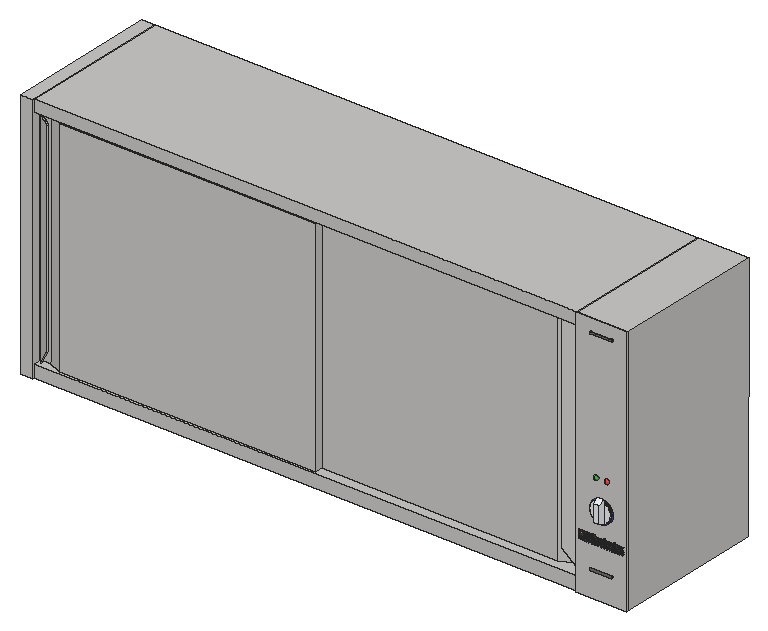
Revit family "QF_ELECTROLUXPROFESSIONAL_121887_TAPCR16", category Attrezzature speciali, Revit 2020
Family settings
  Quota connettore circolare = Usa diametro
  Tipo di parte = Normale
  Basato su piano di lavoro = No
  Sempre verticale = Sì
  Taglio con vuoti quando caricato = No
  Condiviso = No
  Punto di calcolo locali = No
Parameters (values of type "Standard")
  Weight = 61.00 kg
  Watts = 1400 W
  Volts = 230 V
  URL Manufacturer = "https://www.electroluxprofessional.com/"
  URL = "https://www.electroluxprofessional.com/"
  Steam Supply Size = 0 mm
  Steam Supply Minimum Pressure = 0.0 Pa
  Steam Supply Maximum Pressure = 0.0 Pa
  Steam Consumption per Hour = 0
  Refrigeration Suction Line Size = 0.0 mm
  Refrigeration Liquid Line Size = 0.0 mm
  Refrigerant Compressor Remote = yes
  Prospetto di default = 0.0 mm
  Phase = 1
  Modello = "TAPCR16"
  Produttore = "Electrolux Professional"
  Length Actual = 1600.0 mm  # constant formula
  Item Number = "121887"
  Hot Water Size = 0 mm
  Height Actual = 660.0 mm  # constant formula
  HP = "1.9 HP"
  Gas Size = 0 mm
  Gas KW = 0
  Gas Input Pressure = 0 W
  Direct Waste Size = 0 mm
  Descrizione = "HOT WALL CUPBOARD W/SLIDING DOORS 1600MM"
  Depth Actual = 400.0 mm  # constant formula
  Cycle = 50 Hz
  Condensate Return Size = 0 mm
  Compressed Air Volume = 0.0 L/s
  Compressed Air Size = 0 mm
  Compressed Air Pressure = 0.0 Pa
  Cold Water Size = 0 mm
  Accessory = yes
Reference planes
  plane 1 "Center (Front/Back)": y = 0
  plane 2: z = 0
  plane 3 "Center (Left/Right)": x = -250
  plane 4 "LEFT": x = -1000
  plane 5 "RIGHT_panel": x = 500
  plane 6 "BACK": y = 200
  plane 7 "FRONT": y = -200
  plane 8 "Base": z = 2260
  plane 9 "BASE": z = 1600
  plane 10: x = -966
  plane 11: x = 466
  plane 12: y = -197
  plane 13: y = 170
  plane 14 "RIGHT": x = 600
  plane 15 "EIy": x = 545
  plane 16 "EIx": y = 169
Forms (mm)
  Extrusion 1, solid, material "QF_Finishes_Stainless Steel"
    sketch origin (0, 0, 1600) x (-1, 0, 0) y (0, -1, 0)
      loop
        line (1000, -200) -> (1000, 200) -> (966, 200) -> (966, -200) -> (1000, -200)
      loop
        line (-466, -200) -> (-466, 197) -> (-600, 197) -> (-600, -200) -> (-466, -200)
    from 0 to 660
  Extrusion 2, solid, material "QF_Finishes_Stainless Steel"
    sketch origin (0, 0, 1600) x (-1, 0, 0) y (0, -1, 0)
      loop
        line (966, -170) -> (966, 197) -> (-466, 197) -> (-466, -170) -> (966, -170)
    from 0 to 35
  Extrusion 3, solid, material "QF_Finishes_Stainless Steel"
    sketch origin (0, 0, 0) x (1, 0, 0) y (0, 1, 0)
      loop
        line (-966, -197) -> (466, -197) -> (466, 200) -> (-966, 200) -> (-966, -197)
    from 2230 to 2260
  Extrusion 4, solid, material "QF_Finishes_Stainless Steel"
    sketch origin (0, 0, 1600) x (-1, 0, 0) y (0, -1, 0)
      loop
        line (966, -200) -> (966, -170) -> (-466, -170) -> (-466, -200) -> (966, -200)
    from 630 to 0
  Extrusion 5, solid, material "QF_Finishes_Stainless Steel"
    sketch origin (0, 0, 0) x (1, 0, 0) y (0, 1, 0)
      loop
        line (-276.5, -177) -> (398, -177) -> (433, -162) -> (463, -162) -> (463, -157) -> (-276.5, -157) -> (-276.5, -177)
    from 1640 to 2225
  Extrusion 6, solid, material "QF_Finishes_Stainless Steel"
    sketch origin (0, 0, 0) x (1, 0, 0) y (0, 1, 0)
      loop
        line (421, -191) -> (449, -176) -> (463, -162) -> (460.172, -162) -> (447.795, -174.377) -> (420.056, -189.237) -> (421, -191)
    from 1640 to 2225
  Extrusion 7, void
    sketch origin (-381.5, -202.5, -15) x (1, 0, 0) y (0, 0, -1)
      loop
        line (797, -1655) -> (797, -1706.75) -> (831.5, -1655) -> (797, -1655)
      loop
        line (801.556, -2240) -> (811.556, -2240)
        arc (811.556, -2240) -> (804.484, -2237.071) -> (801.556, -2230) r 10
        line (801.556, -2230) -> (801.556, -2240)
    from 5.5 to 29.918
  Extrusion 8, solid, material "QF_Finishes_Stainless Steel"
    sketch origin (0, 0, 0) x (1, 0, 0) y (0, 1, 0)
      loop
        line (-223.481, -197) -> (-223.481, -177) -> (-963, -177) -> (-963, -182) -> (-933, -182) -> (-898, -197) -> (-223.481, -197)
    from 1640 to 2225
  Extrusion 9, solid, material "QF_Finishes_Stainless Steel"
    sketch origin (0, 0, 0) x (1, 0, 0) y (0, 1, 0)
      loop
        line (-921, -211) -> (-920.056, -209.237) -> (-947.795, -194.377) -> (-960.172, -182) -> (-963, -182) -> (-949, -196) -> (-921, -211)
    from 1640 to 2225
  Extrusion 10, void
    sketch origin (-218.5, -202.5, -15) x (-1, 0, 0) y (0, 0, 1)
      loop
        line (697, 1655) -> (731.5, 1655) -> (697, 1706.75) -> (697, 1655)
      loop
        line (701.556, 2240) -> (701.556, 2230)
        arc (701.556, 2230) -> (704.484, 2237.071) -> (711.556, 2240) r 10
        line (711.556, 2240) -> (701.556, 2240)
    from -13.118 to 9.689
  Extrusion 11, solid, material "QF_Finishes_Stainless Steel"
    sketch origin (0, 0, 1600) x (-1, 0, 0) y (0, -1, 0)
      loop
        circle (-545, -169) r 10
    from 0 to -5
Cuts and joins
  Extrusion 7 cuts Extrusion 6
  Extrusion 10 cuts Extrusion 9
Lines and regions (mm)
  symbolic lines, style "SpecialityEquipment"
    curve 1: line (600, 200, 2300) -> (-1000, 200, 2300)
    curve 2: line (600, -200, 2300) -> (600, 200, 2300)
    curve 3: line (-1000, -204.5, 1600) -> (-1000, 200, 1600)
    curve 4: line (-1000, -200, 1600) -> (-968, -200, 1600)
    curve 5: line (468, -200, 1600) -> (600, -200, 1600)
    curve 7: line (468, -197, 1600) -> (-968, -197, 1600)
    curve 12: line (-947.133, -197, 1600) -> (-920.985, -211.008, 1600)
    curve 13: line (-920.985, -211.008, 1600) -> (-920.038, -209.239, 1600)
    curve 14: line (-942.884, -197, 1600) -> (-920.038, -209.239, 1600)
  symbolic lines, style "SpecialityEquipmentHiddenLines"
    curve 6: line (468, -200, 1600) -> (468, -197, 1600)
    curve 8: line (-968, -197, 1600) -> (-968, -200, 1600)
    curve 9: line (466, -157, 200) -> (-276.5, -157, 200)
    curve 10: line (-276.5, -157, 200) -> (-276.5, -177, 200)
    curve 11: line (399, -177, 200) -> (-963, -177, 200)
    curve 15: line (-223.5, -177, 200) -> (-223.5, -197, 200)
    curve 16: line (398, -177, 1600) -> (433, -162, 1600)
    curve 17: line (433, -162, 1600) -> (463, -162, 1600)
    curve 18: line (463, -162, 1600) -> (463, -157, 1600)
    curve 19: line (420.958, -191.023, 1600) -> (448.999, -176.001, 1600)
    curve 20: line (448.999, -176.001, 1600) -> (463, -162, 1600)
    curve 21: line (460.172, -162, 1600) -> (447.795, -174.377, 1600)
    curve 22: line (447.795, -174.377, 1600) -> (419.992, -189.271, 1600)
    curve 23: line (419.992, -189.271, 1600) -> (420.958, -191.023, 1600)
    curve 24: line (-963, -177, 1600) -> (-963, -182, 1600)
    curve 25: line (-963, -182, 1600) -> (-949, -196, 1600)
    curve 26: line (-949, -196, 1600) -> (-947.133, -197, 1600)
    curve 27: line (-942.884, -197, 1600) -> (-947.955, -194.283, 1600)
    curve 28: line (-947.955, -194.283, 1600) -> (-960.239, -182, 1600)
    curve 29: line (-898, -197, 1600) -> (-933, -182, 1600)
    curve 30: line (-933, -182, 1600) -> (-963, -182, 1600)
  symbolic lines
    curve 31: line (-1000, 200, 1600) -> (600, -200, 1600)
    curve 32: line (600, 200, 1600) -> (-1000, -200, 1600)
Dimensions and locks
  equal spacing: plane 4 "LEFT", plane 3 "Center (Left/Right)", plane 5 "RIGHT_panel"
  plane 6 "BACK" to plane 7 "FRONT" = 400.0 mm
  equal spacing: plane 6 "BACK", plane 1 "Center (Front/Back)", plane 7 "FRONT"
  plane 9 "BASE" to level = 1600.0 mm
  locked: plane 4 "LEFT" to plane 10 at 34
  locked: plane 11 to plane 5 "RIGHT_panel" at 34
  plane 12 to plane 7 "FRONT" = 3.0 mm
  plane 6 "BACK" to plane 13 = 30.0 mm
  locked: plane 8 "Base" to plane 9 "BASE" at 660
  plane 5 "RIGHT_panel" to plane 14 "RIGHT" = 100.0 mm
  plane 4 "LEFT" to plane 14 "RIGHT" = 1600.0 mm
  locked: plane 15 "EIy" to plane 14 "RIGHT" at 55
  locked: plane 6 "BACK" to plane 16 "EIx" at 31
  aligned and locked: level to plane 2
  aligned and locked: plane 8 "Base" to Extrusion 1
  aligned and locked: plane 6 "BACK" to Extrusion 1 sketch curve
  aligned and locked: Extrusion 1 sketch curve to plane 6 "BACK"
  aligned and locked: Extrusion 1 sketch curve to plane 7 "FRONT"
  aligned and locked: plane 10 to Extrusion 1
  aligned and locked: Extrusion 1 to plane 11
  aligned and locked: Extrusion 2 to plane 10
  aligned and locked: plane 11 to Extrusion 2
  aligned and locked: plane 8 "Base" to Extrusion 3
  aligned and locked: Extrusion 2 to plane 12
  aligned and locked: Extrusion 2 to plane 13
  aligned and locked: Extrusion 3 to plane 12
  aligned and locked: plane 10 to Extrusion 4 sketch curve
  aligned and locked: Extrusion 4 sketch curve to plane 11
  aligned and locked: Extrusion 4 sketch curve to plane 6 "BACK"
  aligned and locked: Extrusion 4 sketch curve to plane 13
  aligned and locked: Extrusion 4 to Extrusion 3
  aligned and locked: Extrusion 4 to plane 9 "BASE"
  aligned and locked: plane 6 "BACK" to Extrusion 3
  aligned and locked: plane 14 "RIGHT" to Extrusion 1
  aligned and locked: plane 11 to Extrusion 3
  aligned and locked: plane 12 to Extrusion 1 sketch curve
  aligned and locked: plane 14 "RIGHT" to nested 1
Automatic sketch dimensions
  plane 5 "RIGHT_panel" to curve 2 = 100.0 mm
  curve 2 to plane 7 "FRONT" = 0.0 mm
  curve 1 to plane 4 "LEFT" = 0.0 mm
  curve 1 to plane 6 "BACK" = 0.0 mm
  plane 5 "RIGHT_panel" to Extrusion 1 sketch curve = 100.0 mm
  Extrusion 1 sketch curve to plane 11 = 0.0 mm
  Extrusion 1 sketch curve to plane 10 = 0.0 mm
  Extrusion 1 sketch curve to plane 4 "LEFT" = 0.0 mm
  Extrusion 2 sketch curve to plane 11 = 0.0 mm
  Extrusion 2 sketch curve to plane 10 = 0.0 mm
  plane 13 to Extrusion 2 sketch curve = 0.0 mm
  Extrusion 2 sketch curve to plane 12 = 0.0 mm
  Extrusion 3 sketch curve to plane 6 "BACK" = 0.0 mm
  Extrusion 3 sketch curve to plane 10 = 0.0 mm
  Extrusion 3 sketch curve to plane 11 = 0.0 mm
  Extrusion 3 sketch curve to plane 12 = 0.0 mm
  Extrusion 7 sketch curve to plane 11 = 50.5 mm
  Extrusion 7 sketch curve to plane 11 = 45.944 mm
  Extrusion 7 sketch curve to Extrusion 7 sketch curve = 10.0 mm
  Extrusion 7 sketch curve to plane 11 = 16.0 mm
  Extrusion 7 sketch curve to plane 8 "Base" = 35.0 mm
  plane 9 "BASE" to Extrusion 7 sketch curve = 91.75 mm
  plane 9 "BASE" to Extrusion 7 sketch curve = 40.0 mm
  plane 10 to Extrusion 10 sketch curve = 50.5 mm
  plane 10 to Extrusion 10 sketch curve = 45.944 mm
  Extrusion 10 sketch curve to Extrusion 10 sketch curve = 10.0 mm
  plane 10 to Extrusion 10 sketch curve = 16.0 mm
  plane 9 "BASE" to Extrusion 10 sketch curve = 40.0 mm
  Extrusion 10 sketch curve to Extrusion 10 sketch curve = 51.75 mm
  Extrusion 10 sketch curve to plane 8 "Base" = 45.0 mm
  Extrusion 5 sketch curve to plane 3 "Center (Left/Right)" = 26.5 mm
  plane 12 to Extrusion 5 sketch curve = 20.0 mm
  Extrusion 5 sketch curve to plane 11 = 68.0 mm
  Extrusion 5 sketch curve to plane 11 = 33.0 mm
  Extrusion 5 sketch curve to plane 11 = 3.0 mm
  plane 12 to Extrusion 5 sketch curve = 35.0 mm
  Extrusion 5 sketch curve to Extrusion 5 sketch curve = 5.0 mm
  plane 12 to Extrusion 6 sketch curve = 7.763 mm
  Extrusion 6 sketch curve to plane 11 = 45.944 mm
  plane 12 to Extrusion 6 sketch curve = 6.0 mm
  Extrusion 6 sketch curve to Extrusion 6 sketch curve = 0.944 mm
  Extrusion 6 sketch curve to plane 11 = 18.205 mm
  Extrusion 6 sketch curve to Extrusion 6 sketch curve = 1.205 mm
  Extrusion 6 sketch curve to plane 11 = 5.828 mm
  Extrusion 6 sketch curve to Extrusion 6 sketch curve = 2.828 mm
  Extrusion 6 sketch curve to Extrusion 6 sketch curve = 12.377 mm
  Extrusion 8 sketch curve to plane 12 = 0.0 mm
  plane 10 to Extrusion 8 sketch curve = 3.0 mm
  plane 12 to Extrusion 8 sketch curve = 15.0 mm
  Extrusion 8 sketch curve to Extrusion 8 sketch curve = 30.0 mm
  Extrusion 8 sketch curve to Extrusion 8 sketch curve = 35.0 mm
  plane 3 "Center (Left/Right)" to Extrusion 8 sketch curve = 26.519 mm
  Extrusion 8 sketch curve to Extrusion 8 sketch curve = 5.0 mm
  plane 10 to Extrusion 9 sketch curve = 3.0 mm
  Extrusion 9 sketch curve to Extrusion 9 sketch curve = 2.828 mm
  plane 12 to Extrusion 9 sketch curve = 1.0 mm
  plane 10 to Extrusion 9 sketch curve = 17.0 mm
  plane 12 to Extrusion 9 sketch curve = 2.623 mm
  Extrusion 9 sketch curve to Extrusion 9 sketch curve = 1.205 mm
  Extrusion 9 sketch curve to plane 7 "FRONT" = 11.0 mm
  Extrusion 9 sketch curve to Extrusion 9 sketch curve = 26.795 mm
  plane 12 to Extrusion 9 sketch curve = 15.0 mm
  curve 9 to plane 11 = 0.0 mm
  curve 15 to plane 12 = 0.0 mm
  curve 10 to plane 3 "Center (Left/Right)" = 26.5 mm
  plane 12 to curve 10 = 40.0 mm
  plane 12 to curve 11 = 20.0 mm
  curve 11 to plane 11 = 67.0 mm
  plane 3 "Center (Left/Right)" to curve 15 = 26.5 mm
  plane 10 to curve 11 = 3.0 mm
  curve 31 to plane 7 "FRONT" = 0.0 mm
  curve 31 to plane 14 "RIGHT" = 0.0 mm
  curve 32 to plane 6 "BACK" = 0.0 mm
  curve 32 to plane 14 "RIGHT" = 0.0 mm
  curve 6 to plane 12 = 0.0 mm
  curve 4 to plane 7 "FRONT" = 0.0 mm
  curve 31 to plane 4 "LEFT" = 0.0 mm
  curve 3 to plane 6 "BACK" = 0.0 mm
  plane 11 to curve 5 = 2.0 mm
  curve 18 to plane 11 = 3.0 mm
  curve 19 to plane 11 = 17.001 mm
  curve 19 to curve 21 = 1.204 mm
  curve 21 to curve 17 = 14.795 mm
  plane 12 to curve 23 = 5.977 mm
  curve 16 to curve 23 = 12.042 mm
  plane 12 to curve 23 = 7.729 mm
  curve 19 to curve 23 = 0.966 mm
  curve 14 to plane 7 "FRONT" = 9.239 mm
  plane 10 to curve 14 = 45.962 mm
  curve 12 to plane 7 "FRONT" = 11.008 mm
  curve 13 to curve 12 = 0.948 mm
  plane 12 to curve 29 = 15.0 mm
  curve 29 to curve 14 = 9.884 mm
  plane 12 to curve 27 = 2.717 mm
  curve 12 to curve 27 = 0.822 mm
  plane 12 to curve 25 = 1.0 mm
  curve 27 to curve 25 = 1.045 mm
  plane 10 to curve 30 = 3.0 mm
  curve 4 to plane 10 = 2.0 mm
  plane 12 to curve 20 = 35.0 mm
  curve 21 to curve 22 = 12.377 mm
  curve 21 to curve 20 = 1.624 mm
  curve 17 to curve 21 = 2.828 mm
  plane 12 to curve 16 = 20.0 mm
  curve 22 to curve 16 = 21.992 mm
  curve 29 to curve 13 = 22.038 mm
  curve 27 to curve 14 = 0.0 mm
  curve 26 to curve 12 = 0.0 mm
  curve 28 to curve 24 = 2.761 mm
  curve 18 to curve 17 = 5.0 mm
  curve 24 to curve 24 = 5.0 mm
  curve 4 to curve 3 = 4.5 mm
  Extrusion 11 sketch curve to plane 15 "EIy" = 0.0 mm
  Extrusion 11 sketch curve to plane 16 "EIx" = 0.0 mm
  radius of Extrusion 11 sketch curve = 10.0 mm
Nested families
  nested 1: "PANEL_ELX_HOTCUP_134_H660" at (496.958, -197, 1600) x (1, 0, 0) z (0, -1, 0), type "PANEL_ELX_HOTCUP_134_H660"
    with Width 134.0 mm, Show Clearance yes
Connectors
  electrical at (545, 169, 1595), driven by "Volts"
    settings: on Extrusion 11, index 1, voltage 230 V, apparent load 0 VA, apparent load phase1 0 VA, apparent load phase2 0 VA, apparent load phase3 0 VA, power factor 1, load classification "Other", number of poles 1, system type 30, power factor state 1, is connector primary yes, connector utility no, sub classification motor no, connector description "Electrical Connection"
Definition of nested family "PANEL_ELX_HOTCUP_134_H660"
  Parameters
    Width [instance] = 134.0 mm
    Show Clearance [instance] = yes
    Model = "727995"
    Height = 660.0 mm
    Default Elevation = 0.0 mm
  Reference planes
    plane 1 "Center (Front/Back)": y = 0
    plane 2: z = 0
    plane 3 "Center (Left/Right)": x = 36.042
    plane 4 "panel": z = 3
    plane 5 "Left": x = -30.958
    plane 6 "Right": x = 103.042
    plane 7: y = 660
    plane 8: y = 288.268
  Forms (mm)
    Extrusion 1, solid
      sketch origin (0, -919.2, 0) x (1, 0, 0) y (0, 1, 0)
        loop
          line (-980.5, 2119.2) -> (-980.5, -162.846) -> (881.94, -162.846) -> (881.94, 2119.2) -> (-980.5, 2119.2)
      from 0 to -59.546
    Extrusion 2, solid
      sketch origin (36.042, -190, 0) x (0, 1, 0) y (0, 0, 1)
        loop
          line (190, 3) -> (190, 0) -> (850, 0) -> (850, 3) -> (190, 3)
      from 67 to -67
    Extrusion 3, solid
      sketch origin (0, 0, 0) x (1, 0, 0) y (0, 1, 0)
        loop
          line (9.042, 623.5) -> (63.042, 623.5)
          arc (63.042, 623.5) -> (66.042, 626.5) -> (63.042, 629.5) r 3
          line (63.042, 629.5) -> (9.042, 629.5)
          arc (9.042, 629.5) -> (6.042, 626.5) -> (9.042, 623.5) r 3
        loop
          line (9.042, 65) -> (63.042, 65)
          arc (63.042, 65) -> (66.042, 68) -> (63.042, 71) r 3
          line (63.042, 71) -> (9.042, 71)
          arc (9.042, 71) -> (6.042, 68) -> (9.042, 65) r 3
      from 3 to 4.6
    Extrusion 4, solid
      sketch origin (-3.98, -286.732, 0) x (1, 0, 0) y (0, 1, 0)
        loop
          circle (40.042, 500) r 30
      from 0 to 5
    Extrusion 5, solid
      sketch origin (-3.98, -286.732, 0) x (1, 0, 0) y (0, 1, 0)
        loop
          circle (40.042, 500) r 26.788
      from 7 to 5
    Blend 6, solid
      base sketch origin (-3.98, -286.732, 0) x (1, 0, 0) y (0, 1, 0)
        loop
          arc (48.106, 530.45) -> (40.022, 531.5) -> (31.94, 530.44) r 31.5
          line (31.94, 530.44) -> (31.94, 474.458)
          arc (31.94, 474.458) -> (40.023, 473.209) -> (48.106, 474.454) r 26.815
          line (48.106, 474.454) -> (48.106, 530.45)
      top sketch origin (-3.98, -286.732, 0) x (1, 0, 0) y (0, 1, 0)
        loop
          arc (47.007, 520.889) -> (40.042, 522.019) -> (33.077, 520.889) r 22.019
          line (33.077, 520.889) -> (33.077, 480.699)
          arc (33.077, 480.699) -> (40.042, 479.481) -> (47.007, 480.699) r 20.519
          line (47.007, 480.699) -> (47.007, 520.889)
      from 7 to 20
    Revolve 7, solid
      sketch origin (22.042, 0, 0) x (0, 1, 0) y (0, 0, 1)
        loop
          line (288.268, 3) -> (294.268, 3)
          arc (294.268, 3) -> (291.873, 5.908) -> (288.268, 7) r 6.5
          line (288.268, 7) -> (288.268, 3)
        axis (288.268, 7) -> (288.268, 3)
      angle from 0 to 360
    Revolve 8, solid
      sketch origin (50.042, 0, 0) x (0, 1, 0) y (0, 0, 1)
        loop
          line (288.268, 3) -> (294.268, 3)
          arc (294.268, 3) -> (291.873, 5.908) -> (288.268, 7) r 6.5
          line (288.268, 7) -> (288.268, 3)
        axis (288.268, 7) -> (288.268, 3)
      angle from 0 to 360
  Dimensions and locks
    plane 4 "panel" to level = 3.0 mm
    "Height": plane 1 "Center (Front/Back)" to plane 7
    locked: plane 5 "Left" to plane 6 "Right" at 134
    equal spacing: plane 5 "Left", plane 3 "Center (Left/Right)", plane 6 "Right", locked at 67 each
    aligned and locked: plane 2 to Extrusion 1
    aligned and locked: level to Extrusion 1
    aligned and locked: plane 7 to Extrusion 2
    aligned and locked: plane 6 "Right" to Extrusion 2
    aligned and locked: Extrusion 2 to plane 5 "Left"
    aligned and locked: plane 1 "Center (Front/Back)" to Extrusion 2
  Automatic sketch dimensions
    Extrusion 1 sketch curve to Extrusion 1 sketch curve = 1862.44 mm
    Extrusion 1 sketch curve to Extrusion 1 sketch curve = 2282.046 mm
    Extrusion 2 sketch curve to plane 1 "Center (Front/Back)" = 0.0 mm
    Extrusion 2 sketch curve to level = 0.0 mm
    Extrusion 2 sketch curve to plane 7 = 0.0 mm
    Extrusion 2 sketch curve to plane 4 "panel" = 0.0 mm
    Extrusion 3 sketch curve to plane 1 "Center (Front/Back)" = 65.0 mm
    Extrusion 3 sketch curve to Extrusion 3 sketch curve = 3.0 mm  (x2)
    Extrusion 3 sketch curve to plane 7 = 36.5 mm
    plane 3 "Center (Left/Right)" to Extrusion 4 sketch curve = 0.02 mm
    Extrusion 4 sketch curve to plane 8 = 75.0 mm
    plane 3 "Center (Left/Right)" to Extrusion 5 sketch curve = 0.02 mm
    Extrusion 5 sketch curve to plane 8 = 75.0 mm
    Blend 6 sketch curve to plane 3 "Center (Left/Right)" = 8.082 mm
    plane 3 "Center (Left/Right)" to Blend 6 sketch curve = 0.007 mm
    Blend 6 sketch curve to Blend 6 sketch curve = 0.012 mm
    Blend 6 sketch curve to plane 8 = 100.546 mm
    Blend 6 sketch curve to Blend 6 sketch curve = 0.004 mm
    Blend 6 sketch curve to Blend 6 sketch curve = 0.024 mm
    Blend 6 sketch curve to Blend 6 sketch curve = 30.416 mm
    Blend 6 sketch curve to Blend 6 sketch curve = 0.0 mm  (x2)
    Blend 6 sketch curve to plane 3 "Center (Left/Right)" = 6.946 mm
    plane 3 "Center (Left/Right)" to Blend 6 sketch curve = 0.02 mm
    Blend 6 sketch curve to plane 8 = 94.301 mm
    Blend 6 sketch curve to Blend 6 sketch curve = 19.301 mm
    Blend 6 sketch curve to Blend 6 sketch curve = 20.889 mm
    Revolve 7 sketch curve to plane 4 "panel" = 0.0 mm
    Revolve 7 sketch curve to plane 8 = 0.0 mm  (x2)
    plane 8 to Revolve 7 sketch curve = 6.0 mm
    level to Revolve 7 sketch curve = 0.5 mm
    Revolve 7 sketch curve to Revolve 7 sketch curve = 0.57 mm
    Revolve 7 sketch curve to Revolve 7 sketch curve = 2.941 mm
    Revolve 8 sketch curve to plane 4 "panel" = 0.0 mm
    Revolve 8 sketch curve to plane 8 = 0.0 mm  (x2)
    plane 8 to Revolve 8 sketch curve = 6.0 mm
    level to Revolve 8 sketch curve = 0.5 mm
    Revolve 8 sketch curve to Revolve 8 sketch curve = 0.57 mm
    Revolve 8 sketch curve to Revolve 8 sketch curve = 2.941 mm
    plane 3 "Center (Left/Right)" to Extrusion 3 sketch curve = 27.0 mm  (x2)
    plane 3 "Center (Left/Right)" to Blend 6 sketch curve = 8.083 mm
    plane 3 "Center (Left/Right)" to Blend 6 sketch curve = 6.985 mm
    Extrusion 3 sketch curve to plane 3 "Center (Left/Right)" = 27.0 mm  (x2)
    radius of Extrusion 4 sketch curve = 30.0 mm
    radius of Extrusion 5 sketch curve = 26.788 mm
  Nested families
    nested 1: "ELX_Professional_Logo_Small" at (36.042, 140.514, 3), type "ELX_Professional_Logo_Small"
      with Show Logo yes, Material_Logo none
  Definition of nested family "ELX_Professional_Logo_Small"
    Parameters
      Show Logo [instance] = yes
      Material_Logo [instance] = none
      Default Elevation = 0.0 mm
    Reference planes
      plane 1 "Centro (Fronte/Retro)": y = 0
      plane 2: z = 0
      plane 3 "Centro (Sinistra/Destra)": x = 0
    Forms (mm)
      Extrusion 1, solid
        sketch origin (0, 0, 0) x (1, 0, 0) y (0, 1, 0)
          loop
            line (-1219.2, 1219.2) -> (-1219.2, -1219.2) -> (1219.2, -1219.2) -> (1219.2, 1219.2) -> (-1219.2, 1219.2)
        from 0 to -304.8
      Extrusion 2, solid, material <- "Material_Logo"
        sketch origin (15.5, 0, 0) x (1, 0, 0) y (0, 1, 0)
          loop
            spline (-42.99, -1.24) -> (-43.195, -1.231) -> (-43.415, -1.203) -> (-43.642, -1.152) -> (-43.87, -1.074) -> (-44.095, -0.966) -> (-44.309, -0.825) -> (-44.506, -0.647) -> (-44.681, -0.429) -> (-44.828, -0.167) -> (-44.94, 0.142) -> (-45.011, 0.501) -> (-45.037, 0.915)
            line (-45.037, 0.915) -> (-45.037, 2.748) -> (-38.984, 2.748) -> (-38.984, 5.086) -> (-45.038, 5.086) -> (-45.038, 8.489) -> (-38.599, 8.489) -> (-38.599, 10.82) -> (-47.515, 10.82) -> (-47.515, 1.021)
            spline (-47.515, 1.021) -> (-47.493, 0.418) -> (-47.425, -0.15) -> (-47.311, -0.682) -> (-47.15, -1.175) -> (-46.939, -1.628) -> (-46.678, -2.038) -> (-46.365, -2.404) -> (-46, -2.723) -> (-45.58, -2.995) -> (-45.105, -3.216) -> (-44.573, -3.385) -> (-43.983, -3.499)
            line (-43.983, -3.499) -> (-43.01, -3.569) -> (-38.426, -3.569) -> (-38.426, -1.24) -> (-42.99, -1.24)
          loop
            line (-36.666, 4.021) -> (-36.666, -3.573) -> (-34.188, -3.573) -> (-34.188, 10.824) -> (-36.666, 10.824) -> (-36.666, 4.021)
          loop
            spline (-21.915, 1.897) -> (-21.957, 2.615) -> (-22.082, 3.303) -> (-22.285, 3.955) -> (-22.563, 4.564) -> (-22.913, 5.124) -> (-23.331, 5.629) -> (-23.814, 6.074) -> (-24.359, 6.451) -> (-24.961, 6.755) -> (-25.618, 6.98) -> (-26.326, 7.119) -> (-27.081, 7.167)
            spline (-27.081, 7.167) -> (-27.853, 7.122) -> (-28.586, 6.99) -> (-29.275, 6.774) -> (-29.915, 6.478) -> (-30.5, 6.104) -> (-31.024, 5.657) -> (-31.483, 5.138) -> (-31.871, 4.553) -> (-32.182, 3.904) -> (-32.411, 3.194) -> (-32.552, 2.427) -> (-32.6, 1.606)
            spline (-32.6, 1.606) -> (-32.553, 0.805) -> (-32.416, 0.057) -> (-32.193, -0.637) -> (-31.887, -1.271) -> (-31.504, -1.843) -> (-31.048, -2.35) -> (-30.523, -2.788) -> (-29.934, -3.154) -> (-29.284, -3.444) -> (-28.579, -3.656) -> (-27.822, -3.785) -> (-27.019, -3.829)
            spline (-27.019, -3.829) -> (-26.627, -3.82) -> (-26.239, -3.79) -> (-25.856, -3.739) -> (-25.477, -3.663) -> (-25.103, -3.562) -> (-24.734, -3.432) -> (-24.369, -3.273) -> (-24.01, -3.082) -> (-23.655, -2.858) -> (-23.305, -2.597) -> (-22.96, -2.299) -> (-22.621, -1.962)
            line (-22.621, -1.962) -> (-24.114, -0.509)
            spline (-24.114, -0.509) -> (-24.311, -0.699) -> (-24.509, -0.872) -> (-24.71, -1.03) -> (-24.915, -1.172) -> (-25.126, -1.297) -> (-25.346, -1.407) -> (-25.576, -1.5) -> (-25.817, -1.576) -> (-26.072, -1.636) -> (-26.342, -1.678) -> (-26.629, -1.704) -> (-26.936, -1.713)
            spline (-26.936, -1.713) -> (-27.384, -1.691) -> (-27.805, -1.625) -> (-28.196, -1.518) -> (-28.556, -1.372) -> (-28.882, -1.187) -> (-29.174, -0.966) -> (-29.429, -0.71) -> (-29.645, -0.422) -> (-29.821, -0.102) -> (-29.955, 0.247) -> (-30.045, 0.623) -> (-30.089, 1.026)
            line (-30.089, 1.026) -> (-21.956, 1.026) -> (-21.915, 1.897)
          loop
            spline (-24.446, 2.769) -> (-24.47, 3.075) -> (-24.54, 3.37) -> (-24.654, 3.65) -> (-24.807, 3.913) -> (-24.996, 4.156) -> (-25.219, 4.376) -> (-25.472, 4.57) -> (-25.753, 4.736) -> (-26.057, 4.869) -> (-26.382, 4.968) -> (-26.724, 5.03) -> (-27.081, 5.051)
            spline (-27.081, 5.051) -> (-27.464, 5.03) -> (-27.832, 4.97) -> (-28.183, 4.872) -> (-28.513, 4.74) -> (-28.819, 4.577) -> (-29.099, 4.384) -> (-29.347, 4.165) -> (-29.563, 3.923) -> (-29.742, 3.659) -> (-29.881, 3.377) -> (-29.977, 3.079) -> (-30.027, 2.769)
            line (-30.027, 2.769) -> (-24.446, 2.769)
          loop
            spline (-18.167, 1.669) -> (-18.138, 2.13) -> (-18.055, 2.567) -> (-17.921, 2.978) -> (-17.739, 3.358) -> (-17.512, 3.705) -> (-17.243, 4.016) -> (-16.937, 4.287) -> (-16.596, 4.517) -> (-16.223, 4.7) -> (-15.823, 4.835) -> (-15.398, 4.919) -> (-14.951, 4.947)
            spline (-14.951, 4.947) -> (-14.677, 4.938) -> (-14.414, 4.913) -> (-14.162, 4.871) -> (-13.921, 4.812) -> (-13.69, 4.738) -> (-13.467, 4.649) -> (-13.254, 4.544) -> (-13.048, 4.424) -> (-12.85, 4.291) -> (-12.659, 4.143) -> (-12.474, 3.981) -> (-12.295, 3.806)
            line (-12.295, 3.806) -> (-10.76, 5.403)
            spline (-10.76, 5.403) -> (-11.065, 5.709) -> (-11.38, 5.984) -> (-11.703, 6.228) -> (-12.035, 6.443) -> (-12.375, 6.63) -> (-12.723, 6.788) -> (-13.078, 6.92) -> (-13.44, 7.026) -> (-13.809, 7.107) -> (-14.184, 7.164) -> (-14.564, 7.198) -> (-14.951, 7.209)
            spline (-14.951, 7.209) -> (-15.725, 7.161) -> (-16.467, 7.02) -> (-17.169, 6.792) -> (-17.826, 6.482) -> (-18.43, 6.096) -> (-18.976, 5.637) -> (-19.455, 5.112) -> (-19.862, 4.525) -> (-20.19, 3.882) -> (-20.433, 3.189) -> (-20.584, 2.449) -> (-20.635, 1.669)
            spline (-20.635, 1.669) -> (-20.584, 0.889) -> (-20.433, 0.149) -> (-20.19, -0.545) -> (-19.862, -1.187) -> (-19.455, -1.774) -> (-18.976, -2.299) -> (-18.43, -2.758) -> (-17.826, -3.145) -> (-17.169, -3.454) -> (-16.467, -3.682) -> (-15.725, -3.823) -> (-14.951, -3.871)
            spline (-14.951, -3.871) -> (-14.564, -3.86) -> (-14.184, -3.826) -> (-13.809, -3.77) -> (-13.44, -3.689) -> (-13.078, -3.583) -> (-12.723, -3.451) -> (-12.375, -3.292) -> (-12.035, -3.105) -> (-11.703, -2.89) -> (-11.38, -2.646) -> (-11.065, -2.371) -> (-10.76, -2.066)
            line (-10.76, -2.066) -> (-12.295, -0.468)
            spline (-12.295, -0.468) -> (-12.474, -0.643) -> (-12.659, -0.805) -> (-12.85, -0.953) -> (-13.048, -1.087) -> (-13.254, -1.206) -> (-13.467, -1.311) -> (-13.69, -1.4) -> (-13.921, -1.475) -> (-14.162, -1.533) -> (-14.414, -1.575) -> (-14.677, -1.6) -> (-14.951, -1.609)
            spline (-14.951, -1.609) -> (-15.398, -1.581) -> (-15.823, -1.497) -> (-16.223, -1.362) -> (-16.596, -1.179) -> (-16.937, -0.95) -> (-17.243, -0.678) -> (-17.512, -0.367) -> (-17.739, -0.02) -> (-17.921, 0.36) -> (-18.055, 0.771) -> (-18.138, 1.208) -> (-18.167, 1.669)
          loop
            spline (-4.441, -1.243) -> (-4.659, -1.247) -> (-4.894, -1.23) -> (-5.137, -1.19) -> (-5.384, -1.121) -> (-5.628, -1.021) -> (-5.864, -0.884) -> (-6.084, -0.708) -> (-6.283, -0.488) -> (-6.454, -0.219) -> (-6.592, 0.101) -> (-6.69, 0.478) -> (-6.742, 0.914)
            line (-6.742, 0.914) -> (-6.742, 4.587) -> (-4.487, 4.587) -> (-4.487, 6.838) -> (-6.738, 6.838) -> (-6.738, 10.824) -> (-9.217, 10.824) -> (-9.217, 0.773)
            spline (-9.217, 0.773) -> (-9.164, 0.19) -> (-9.068, -0.358) -> (-8.928, -0.87) -> (-8.742, -1.343) -> (-8.511, -1.777) -> (-8.232, -2.168) -> (-7.904, -2.515) -> (-7.527, -2.816) -> (-7.098, -3.069) -> (-6.618, -3.273) -> (-6.084, -3.426) -> (-5.496, -3.525)
            line (-5.496, -3.525) -> (-4.45, -3.573) -> (-4.441, -1.243)
          loop
            spline (3.898, 6.983) -> (3.469, 7.009) -> (3.056, 7.001) -> (2.661, 6.961) -> (2.283, 6.888) -> (1.925, 6.785) -> (1.588, 6.652) -> (1.272, 6.49) -> (0.979, 6.301) -> (0.71, 6.085) -> (0.465, 5.844) -> (0.247, 5.578) -> (0.056, 5.289)
            line (0.056, 5.289) -> (0.056, 6.838) -> (-2.402, 6.838) -> (-2.402, -3.572) -> (0.056, -3.572) -> (0.056, 1.901)
            spline (0.056, 1.901) -> (0.079, 2.316) -> (0.145, 2.703) -> (0.254, 3.06) -> (0.404, 3.386) -> (0.592, 3.679) -> (0.818, 3.938) -> (1.08, 4.162) -> (1.375, 4.348) -> (1.703, 4.495) -> (2.062, 4.602) -> (2.45, 4.668) -> (2.865, 4.69)
            line (2.865, 4.69) -> (3.898, 4.586) -> (3.898, 6.983)
          loop
            spline (15.638, 1.633) -> (15.586, 2.396) -> (15.435, 3.124) -> (15.192, 3.81) -> (14.863, 4.449) -> (14.455, 5.034) -> (13.975, 5.56) -> (13.43, 6.021) -> (12.826, 6.411) -> (12.17, 6.724) -> (11.469, 6.955) -> (10.729, 7.098) -> (9.958, 7.147)
            spline (9.958, 7.147) -> (9.182, 7.098) -> (8.44, 6.955) -> (7.737, 6.724) -> (7.081, 6.411) -> (6.477, 6.021) -> (5.933, 5.56) -> (5.454, 5.034) -> (5.048, 4.449) -> (4.721, 3.81) -> (4.479, 3.124) -> (4.329, 2.396) -> (4.277, 1.633)
            spline (4.277, 1.633) -> (4.329, 0.869) -> (4.479, 0.141) -> (4.721, -0.544) -> (5.048, -1.183) -> (5.454, -1.768) -> (5.933, -2.294) -> (6.477, -2.755) -> (7.081, -3.145) -> (7.737, -3.459) -> (8.44, -3.69) -> (9.182, -3.833) -> (9.958, -3.882)
            spline (9.958, -3.882) -> (10.729, -3.833) -> (11.469, -3.69) -> (12.17, -3.459) -> (12.826, -3.145) -> (13.43, -2.755) -> (13.975, -2.294) -> (14.455, -1.768) -> (14.863, -1.183) -> (15.192, -0.544) -> (15.435, 0.141) -> (15.586, 0.869) -> (15.638, 1.633)
          loop
            spline (13.18, 1.633) -> (13.151, 2.083) -> (13.067, 2.513) -> (12.932, 2.918) -> (12.748, 3.296) -> (12.52, 3.642) -> (12.251, 3.954) -> (11.943, 4.227) -> (11.601, 4.459) -> (11.228, 4.645) -> (10.828, 4.782) -> (10.403, 4.867) -> (9.958, 4.896)
            spline (9.958, 4.896) -> (9.509, 4.867) -> (9.081, 4.782) -> (8.679, 4.645) -> (8.306, 4.459) -> (7.964, 4.227) -> (7.658, 3.954) -> (7.39, 3.642) -> (7.163, 3.296) -> (6.981, 2.918) -> (6.847, 2.513) -> (6.765, 2.083) -> (6.736, 1.633)
            spline (6.736, 1.633) -> (6.765, 1.182) -> (6.847, 0.753) -> (6.981, 0.347) -> (7.163, -0.031) -> (7.39, -0.377) -> (7.658, -0.689) -> (7.964, -0.962) -> (8.306, -1.193) -> (8.679, -1.38) -> (9.081, -1.517) -> (9.509, -1.602) -> (9.958, -1.631)
            spline (9.958, -1.631) -> (10.403, -1.602) -> (10.828, -1.517) -> (11.228, -1.38) -> (11.601, -1.193) -> (11.943, -0.962) -> (12.251, -0.689) -> (12.52, -0.377) -> (12.748, -0.031) -> (12.932, 0.347) -> (13.067, 0.753) -> (13.151, 1.182) -> (13.18, 1.633)
          loop
            line (17.162, 4.269) -> (17.162, -3.573) -> (19.642, -3.573) -> (19.642, 10.824) -> (17.162, 10.824) -> (17.162, 4.269)
          loop
            line (28.581, 6.838) -> (28.581, 0.786)
            spline (28.581, 0.786) -> (28.561, 0.393) -> (28.503, 0.038) -> (28.409, -0.279) -> (28.281, -0.559) -> (28.122, -0.802) -> (27.933, -1.011) -> (27.717, -1.185) -> (27.476, -1.325) -> (27.213, -1.433) -> (26.929, -1.509) -> (26.626, -1.554) -> (26.308, -1.569)
            spline (26.308, -1.569) -> (25.99, -1.554) -> (25.688, -1.509) -> (25.404, -1.434) -> (25.141, -1.326) -> (24.9, -1.187) -> (24.684, -1.014) -> (24.496, -0.807) -> (24.336, -0.565) -> (24.209, -0.288) -> (24.115, 0.026) -> (24.057, 0.376) -> (24.037, 0.765)
            line (24.037, 0.765) -> (24.037, 6.838) -> (21.537, 6.838) -> (21.537, 0.558)
            spline (21.537, 0.558) -> (21.581, -0.153) -> (21.71, -0.8) -> (21.916, -1.384) -> (22.195, -1.904) -> (22.54, -2.362) -> (22.944, -2.757) -> (23.403, -3.09) -> (23.909, -3.362) -> (24.456, -3.572) -> (25.04, -3.722) -> (25.652, -3.811) -> (26.288, -3.841)
            spline (26.288, -3.841) -> (26.929, -3.811) -> (27.547, -3.72) -> (28.135, -3.568) -> (28.687, -3.355) -> (29.197, -3.079) -> (29.66, -2.741) -> (30.068, -2.341) -> (30.415, -1.877) -> (30.696, -1.349) -> (30.905, -0.757) -> (31.034, -0.101) -> (31.079, 0.621)
            line (31.079, 0.621) -> (31.079, 6.838) -> (28.581, 6.838)
          loop
            line (40.457, -0.243) -> (38.894, 1.942) -> (40.83, 4.579) -> (42.488, 6.837) -> (39.782, 6.837) -> (37.53, 3.719) -> (35.258, 6.837) -> (32.573, 6.837) -> (34.113, 4.731) -> (36.167, 1.922) -> (34.014, -1.076) -> (32.222, -3.573) -> (34.887, -3.573) -> (37.53, 0.104) -> (40.174, -3.573) -> (42.839, -3.573) -> (40.457, -0.243)
          loop
            line (-46.121, -5.837) -> (-48.039, -5.837) -> (-48.039, -10.814) -> (-47.016, -10.814) -> (-47.016, -9.128) -> (-46.121, -9.128)
            arc (-46.121, -9.128) -> (-44.476, -7.482) -> (-46.121, -5.837) r 1.645
          loop
            line (-46.163, -6.778) -> (-47.016, -6.778) -> (-47.016, -8.187) -> (-46.163, -8.187)
            arc (-46.163, -8.187) -> (-45.458, -7.482) -> (-46.163, -6.778) r 0.704
          loop
            line (-38.313, -5.837) -> (-40.265, -5.837) -> (-40.265, -10.814) -> (-39.241, -10.814) -> (-39.241, -9.1) -> (-38.46, -9.182) -> (-37.48, -10.814) -> (-36.318, -10.814) -> (-37.513, -8.848)
            arc (-37.513, -8.848) -> (-36.888, -8.266) -> (-36.671, -7.441) r 1.536
            arc (-36.671, -7.441) -> (-37.165, -6.305) -> (-38.313, -5.837) r 1.643
          loop
            arc (-38.402, -8.166) -> (-37.707, -7.505) -> (-38.334, -6.778) r 0.696
            line (-38.334, -6.778) -> (-39.241, -6.778) -> (-39.241, -8.166) -> (-38.402, -8.166)
          loop
            circle (-29.965, -8.325) r 2.585
          loop
            circle (-29.965, -8.325) r 1.64
          loop
            line (-23.1, -5.837) -> (-23.1, -10.814) -> (-22.076, -10.814) -> (-22.076, -8.768) -> (-20.204, -8.768) -> (-20.204, -7.828) -> (-22.076, -7.828) -> (-22.076, -6.778) -> (-20.024, -6.778) -> (-20.024, -5.837) -> (-23.1, -5.837)
          loop
            line (-15.802, -5.837) -> (-15.802, -9.2)
            arc (-15.802, -9.2) -> (-15.343, -10.34) -> (-14.209, -10.814) r 1.593
            line (-14.209, -10.814) -> (-12.602, -10.814) -> (-12.602, -10.027) -> (-14.004, -10.027)
            arc (-14.004, -10.027) -> (-14.552, -9.8) -> (-14.779, -9.252) r 0.775
            line (-14.779, -9.252) -> (-14.779, -8.424) -> (-12.789, -8.424) -> (-12.789, -7.642) -> (-14.779, -7.642) -> (-14.779, -6.778) -> (-12.651, -6.778) -> (-12.651, -5.837) -> (-15.802, -5.837)
          loop
            line (-5.909, -7.143) -> (-5.173, -6.638)
            arc (-5.173, -6.638) -> (-5.855, -5.974) -> (-6.781, -5.755) r 1.782
            arc (-6.781, -5.755) -> (-7.397, -5.878) -> (-7.944, -6.189) r 1.974
            arc (-7.944, -6.189) -> (-8.202, -6.5) -> (-8.317, -6.888) r 1.013
            arc (-8.317, -6.888) -> (-8.306, -7.341) -> (-8.192, -7.78) r 1.985
            arc (-8.192, -7.78) -> (-7.749, -8.259) -> (-7.171, -8.563) r 1.928
            arc (-7.171, -8.563) -> (-6.637, -8.779) -> (-6.131, -9.056) r 5.041
            arc (-6.131, -9.056) -> (-5.934, -9.387) -> (-6.09, -9.74) r 0.42
            arc (-6.09, -9.74) -> (-6.631, -9.96) -> (-7.204, -9.845) r 1.016
            arc (-7.204, -9.845) -> (-7.625, -9.603) -> (-7.889, -9.196) r 1.033
            line (-7.889, -9.196) -> (-8.67, -9.686)
            arc (-8.67, -9.686) -> (-8.361, -10.198) -> (-7.908, -10.589) r 1.914
            arc (-7.908, -10.589) -> (-7.334, -10.834) -> (-6.714, -10.896) r 2.063
            arc (-6.714, -10.896) -> (-5.947, -10.743) -> (-5.256, -10.376) r 2.696
            arc (-5.256, -10.376) -> (-4.95, -9.565) -> (-5.108, -8.712) r 1.618
            arc (-5.108, -8.712) -> (-5.448, -8.319) -> (-5.884, -8.035) r 1.876
            arc (-5.884, -8.035) -> (-6.434, -7.789) -> (-6.999, -7.577) r 9.883
            arc (-6.999, -7.577) -> (-7.325, -7.07) -> (-6.854, -6.694) r 0.45
            arc (-6.854, -6.694) -> (-6.329, -6.809) -> (-5.909, -7.143) r 1.197
          loop
            line (1.61, -7.143) -> (2.345, -6.638)
            arc (2.345, -6.638) -> (1.663, -5.974) -> (0.737, -5.755) r 1.782
            arc (0.737, -5.755) -> (0.121, -5.878) -> (-0.425, -6.189) r 1.974
            arc (-0.425, -6.189) -> (-0.683, -6.5) -> (-0.799, -6.888) r 1.013
            arc (-0.799, -6.888) -> (-0.788, -7.341) -> (-0.674, -7.78) r 1.985
            arc (-0.674, -7.78) -> (-0.231, -8.259) -> (0.347, -8.563) r 1.928
            arc (0.347, -8.563) -> (0.881, -8.779) -> (1.387, -9.056) r 5.041
            arc (1.387, -9.056) -> (1.584, -9.387) -> (1.428, -9.74) r 0.42
            arc (1.428, -9.74) -> (0.887, -9.96) -> (0.314, -9.845) r 1.016
            arc (0.314, -9.845) -> (-0.107, -9.603) -> (-0.371, -9.196) r 1.033
            line (-0.371, -9.196) -> (-1.152, -9.686)
            arc (-1.152, -9.686) -> (-0.842, -10.198) -> (-0.39, -10.589) r 1.914
            arc (-0.39, -10.589) -> (0.184, -10.834) -> (0.804, -10.896) r 2.063
            arc (0.804, -10.896) -> (1.572, -10.743) -> (2.263, -10.376) r 2.696
            arc (2.263, -10.376) -> (2.568, -9.565) -> (2.411, -8.712) r 1.618
            arc (2.411, -8.712) -> (2.07, -8.319) -> (1.635, -8.035) r 1.876
            arc (1.635, -8.035) -> (1.084, -7.789) -> (0.519, -7.577) r 9.883
            arc (0.519, -7.577) -> (0.193, -7.07) -> (0.665, -6.694) r 0.45
            arc (0.665, -6.694) -> (1.189, -6.809) -> (1.61, -7.143) r 1.197
          loop
            line (6.801, -5.837) -> (6.801, -10.814) -> (7.825, -10.814) -> (7.825, -5.837) -> (6.801, -5.837)
          loop
            circle (14.724, -8.325) r 1.548
          loop
            circle (14.724, -8.325) r 2.585
          loop
            line (21.59, -10.814) -> (22.623, -10.814) -> (22.623, -7.685) -> (24.9, -10.814) -> (25.895, -10.814) -> (25.895, -5.837) -> (24.861, -5.837) -> (24.861, -9.061) -> (22.585, -5.837) -> (21.59, -5.837) -> (21.59, -10.814)
          loop
            line (31.054, -10.814) -> (31.539, -9.74) -> (33.38, -9.74) -> (33.865, -10.814) -> (34.965, -10.814) -> (32.46, -5.837) -> (29.956, -10.814) -> (31.054, -10.814)
          loop
            line (32.46, -7.698) -> (31.999, -8.719) -> (32.921, -8.719) -> (32.46, -7.698)
          loop
            line (40.047, -9.873) -> (40.047, -5.837) -> (39.024, -5.837) -> (39.024, -10.814) -> (41.961, -10.814) -> (41.961, -9.873) -> (40.047, -9.873)
          loop
            line (-74.986, -10.814) -> (-53.322, -10.814) -> (-53.322, 10.82) -> (-74.986, 10.82) -> (-74.986, -10.814)
          loop
            line (-61.261, 9.758) -> (-61.261, -9.707)
            arc (-61.261, -9.707) -> (-54.066, 0.025) -> (-61.261, 9.758) r 10.18
          loop
            line (-62.251, 8.349) -> (-62.251, 9.758)
            arc (-62.251, 9.758) -> (-70.347, 7.918) -> (-74.247, 0.59) r 9.976
            line (-74.247, 0.59) -> (-71.026, 0.59)
            arc (-71.026, 0.59) -> (-65.274, 2.925) -> (-62.251, 8.349) r 9.351
          loop
            arc (-74.247, -0.539) -> (-70.353, -7.928) -> (-62.251, -9.957) r 10.237
            line (-62.251, -9.957) -> (-62.251, -8.298)
            arc (-62.251, -8.298) -> (-65.274, -2.874) -> (-71.026, -0.539) r 9.351
            line (-71.026, -0.539) -> (-74.247, -0.539)
        from 0 to 1.644
    Dimensions and locks
      aligned and locked: plane 2 to Extrusion 1
      aligned and locked: level to Extrusion 1
